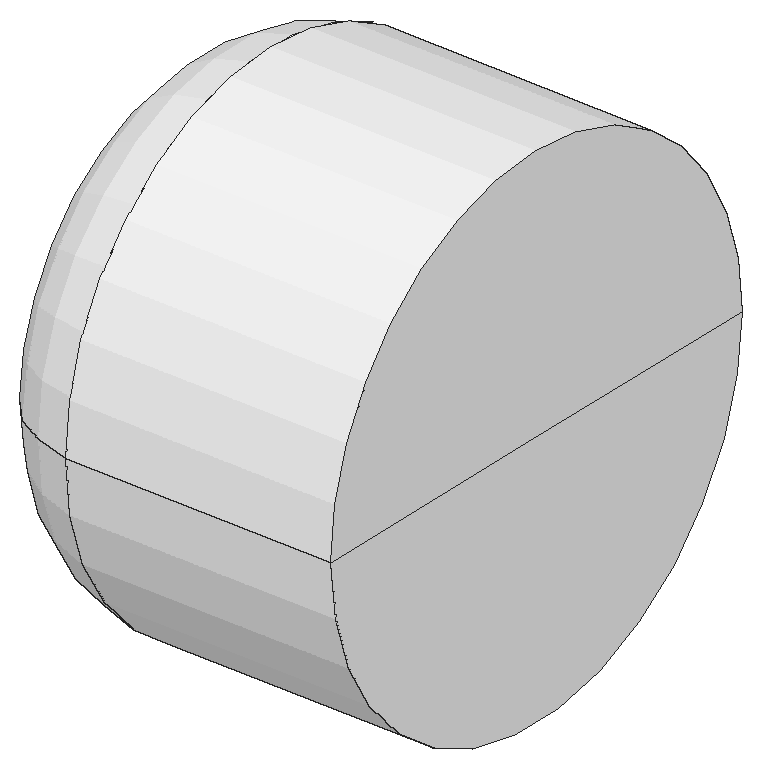
Revit family "BIMLIB_Заглушка_РОСТерм", category Соединительные детали трубопроводов, Revit 2017
Family settings
  Размер круглого соединителя = Использовать диаметр
  Тип детали = Заглушка
  На основе рабочей плоскости = Нет
  Всегда вертикально = Да
  При загрузке вырезать с полостями = Нет
  Общий = Нет
Parameters
  Описание = "Заглушка"
  Изготовитель = "РОСТерм"  # constant formula
  URL = "http://rostherm.ru/"
  РТ_L1 [instance] = РТ_L * 0.2  # 2.9 mm
  РТ_L [instance] = size_lookup("Наименование", "РТ_L", 0 mm, РТ_DN)  # 14.5 mm
  РТ_DN [instance] = 20 mm
  РТ_D [instance] = size_lookup("Наименование", "РТ_D", 0 mm, РТ_DN)  # 28 mm
  BL_Разработано = "support@bimlib.ru"
  BL_Email = "rostherm@bimlib.ru"
  BL_BIM library = "https://bimlib.pro/manufacturer/rosterm/1632/"
  ADSK_Примечание = ""
  ADSK_Позиция = ""
  ADSK_Обозначение [instance] = "ГОСТ 32415-2013"  # constant formula
  ADSK_Наименование краткое [instance] = size_lookup("Наименование", "", "-", РТ_DN)  # "Заглушка d20"
  ADSK_Наименование [instance] = size_lookup("Наименование", "", "-", РТ_DN)  # "Заглушка d20"
  ADSK_Материал = BIMLIB_Белый_РТ
  ADSK_Масса_Текст = ""
  ADSK_Масса [instance] = 0
  ADSK_Марка [instance] = size_lookup("артикул", "", "", РТ_DN)  # "Z20"
  ADSK_Код изделия [instance] = size_lookup("артикул", "", "", РТ_DN)  # "Z20"
  ADSK_Завод-изготовитель = "РОСТерм"  # constant formula
  ADSK_Единица измерения = "шт"  # constant formula
  ADSK_Версия Revit = "2017"
  ADSK_URL страницы изделия = "http://rostherm.ru/truby-i-fitingi-iz-polipropilena-pprt/"
  ADSK_URL документации изделия = "http://rostherm.ru/"
Reference planes
  plane 1 "По центру (Вперед/Назад)": y = 0
  plane 2: z = 0
  plane 3 "По центру (Влево/Вправо)": x = 0
  plane 4: x = -2.9
  plane 5: x = 14.5
  plane 6: y = 14
  plane 7: y = -14
Forms (mm)
  Revolve 1, solid, material "BIMLIB_Белый_РТ" <- "ADSK_Материал", detail levels medium+fine
    sketch origin (2.179, 0, 0) x (1, 0, 0) y (0, 1, 0)
      loop
        line (12.321, 0) -> (12.321, 14) -> (-2.179, 14)
        spline (-2.179, 14) -> (-3.324, 13.729) -> (-4.361, 13.333) -> (-5.29, 12.8) -> (-6.115, 12.12) -> (-6.835, 11.28) -> (-7.454, 10.27) -> (-7.973, 9.078) -> (-8.393, 7.693) -> (-8.717, 6.104) -> (-8.947, 4.3) -> (-9.083, 2.269) -> (-9.128, 0)
        line (-9.128, 0) -> (12.321, 0)
      axis (12.321, 0) -> (-9.128, 0)
    angle from 0 to 360
Lines and regions (mm)
  reference lines
    curve 1: line (-2.9, 0, 0) -> (0, 0, 0)
  model lines, detail levels coarse
    curve 2: line (0, 14, 0) -> (0, -14, 0)
Dimensions and locks
  equal spacing: plane 6, plane 1 "По центру (Вперед/Назад)", plane 7
  "РТ_D": plane 6 to plane 7
  "РТ_L1": plane 4 to plane 3 "По центру (Влево/Вправо)"
  "РТ_L": plane 3 "По центру (Влево/Вправо)" to plane 5
  aligned and locked: level to plane 2
  aligned and locked: Revolve 1 sketch curve to plane 1 "По центру (Вперед/Назад)"
  aligned and locked: plane 4 to curve 1
  aligned and locked: plane 3 "По центру (Влево/Вправо)" to curve 1
  aligned and locked: curve 2 to plane 3 "По центру (Влево/Вправо)"
  aligned and locked: plane 6 to curve 2
  aligned and locked: plane 7 to curve 2
  aligned and locked: Revolve 1 sketch curve to curve 2
Automatic sketch dimensions
  plane 1 "По центру (Вперед/Назад)" to curve 1 = 0 mm
  plane 1 "По центру (Вперед/Назад)" to Revolve 1 sketch curve = 0 mm
  Revolve 1 sketch curve to plane 5 = 0 mm
  Revolve 1 sketch curve to plane 6 = 0 mm
  Revolve 1 sketch curve to plane 4 = 4.049 mm
  Revolve 1 sketch curve to Revolve 1 sketch curve = 5.951 mm
  Revolve 1 sketch curve to Revolve 1 sketch curve = 7.823 mm
Connectors
  piping at (0, 0, 0), diameter 20, driven by "РТ_DN"
    settings: on curve 1, index 1, connector inside diameter 609.6 mm, connector length 0 mm, flow factor 0, pipe flow 0.0 L/s, pressure drop 0.0 Pa, fitting loss kfactor 0, connector angle 0.00°, fixture units 0, engagement length 0 mm, angle of deflection 0.00°, flow configuration 0, flow direction 0, fitting loss method 4, system type 28, joint type 0, gender type 0, connector reference index -1, connector utility 0, adjustable connector yes, is connector primary yes, connector description ""
